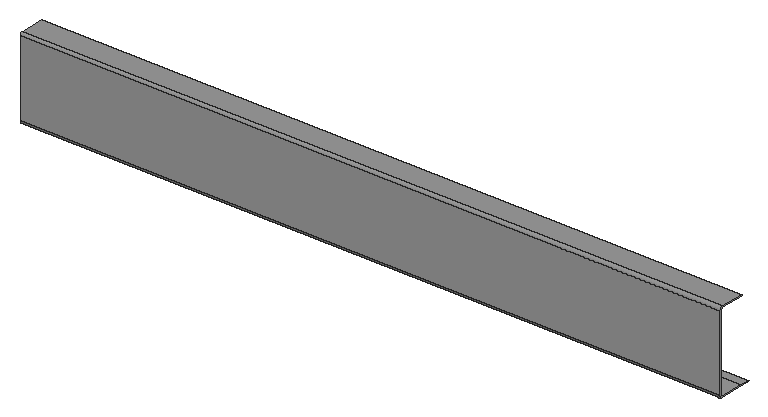
Revit family "L11 1950-2400", category Generic Models, Revit 2014
Parameters (values of type "Max length 2400")
  URL = "http://iglintels.com/"
  Structural Opening [instance] = 1550 mm
  Structural Performance = "The IG lintel range has safe working loads as detailed in each applicable loading table in the Keystone Lintel Guide brochure. The structural performance figures within each table have been ascertained by testing in accordance with the requirements of standards BS EN 5977-2: 1983 and BS EN 845-2: 2003."
  RIBA Productor Selector = "available for Keystone Lintels Ltd from Keystone Lintels Ltd from ribaproductselector.com"
  Model = "L11 1950-2400"
  Min Length = 1950 mm
  Min Clear Span = 300 mm
  Max Length = 2400 mm
  Max Clear Span = 4800 mm
  Material - Stainless Steel = "Grade 304 2b 1.4307 to BS EN 10088-2. Other grades available on request: contact manufacturer."
  Material - Galvanised Steel = "To BS EN 10346: 2009. DX51D plus Z600 or grade Z275 to BS 5977-2: 1983 (BS EN 845-2: 2003)."
  Manufacturer = "IG"
  Manufactured Length [instance] = (roundup(Effective Length / 150 mm) * 150 mm)  # 1950 mm
  Lintel height [instance] = 2100 mm
  Keynote = "F30/755"
  Fire Performance = "IG lintels have been subjected to a fire test (WARRES No. 101263) in accordance with BS 476-20: 1987, at Exova Warrington Fire and achieved a one hour fire performance."
  End Bearing = 150 mm
  Effective Length [instance] = Clear Opening with MIN MAX set + End Bearing * 2  # 1850 mm
  Corrosion = "IG’s standard range of lintels are manufactured from high quality grade pre-galvanized carbon steel with a zinc coating of 600"
  Contact Tel = "01633 486 486"
  Contact Email = "info@igltd.co.uk"
  Clear Opening with MIN MAX set [instance] = if(Structural Opening < Min Clear Span, Min Clear Span, (if(Structural Opening > Max Clear Span, Max Clear Span, Structural Opening)))  # 1550 mm
  CPD Information = "Available for Keystone Lintels Ltd from ribacpd.com"
Reference planes
  plane 1 "Center (Front/Back)": y = 0
  plane 2: z = 0
  plane 3 "Center (Left/Right)": x = 0
  plane 4: x = -975
  plane 5: x = 975
  plane 6: z = 2100
  plane 7: x = -775
  plane 8: x = 775
Forms (mm)
  Extrusion 1, solid, not visible
    sketch origin (0, 848.308, 1157.631) x (0, 1, 0) y (0, 0, 1)
      loop
        line (-693.236, 1000.08) -> (-758.243, 1000.08)
        arc (-758.243, 1000.08) -> (-761.496, 1001.427) -> (-762.843, 1004.68) r 4.6
        line (-762.843, 1004.68) -> (-762.843, 1217.08)
        arc (-762.843, 1217.08) -> (-761.496, 1220.333) -> (-758.243, 1221.68) r 4.6
        line (-758.243, 1221.68) -> (-691.243, 1221.68) -> (-691.243, 1224.18) -> (-758.243, 1224.18)
        arc (-758.243, 1224.18) -> (-763.547, 1221.983) -> (-765.743, 1216.68) r 7.5
        line (-765.743, 1216.68) -> (-765.743, 1004.68)
        arc (-765.743, 1004.68) -> (-763.547, 999.377) -> (-758.243, 997.18) r 7.5
        line (-758.243, 997.18) -> (-693.287, 997.18) -> (-668.331, 996.302) -> (-668.229, 999.2) -> (-693.236, 1000.08)
    from 0 to 250
  Extrusion 2, solid, material "Steel"
    sketch origin (0, 765.736, 1102.82) x (0, 1, 0) y (0, 0, 1)
      loop
        line (-693.236, 999.68) -> (-758.236, 999.68)
        arc (-758.236, 999.68) -> (-761.772, 1001.144) -> (-763.236, 1004.68) r 5
        line (-763.236, 1004.68) -> (-763.236, 1216.68)
        arc (-763.236, 1216.68) -> (-761.772, 1220.215) -> (-758.236, 1221.68) r 5
        line (-758.236, 1221.68) -> (-691.236, 1221.68) -> (-691.236, 1224.18) -> (-758.236, 1224.18)
        arc (-758.236, 1224.18) -> (-763.539, 1221.983) -> (-765.736, 1216.68) r 7.5
        line (-765.736, 1216.68) -> (-765.736, 1004.68)
        arc (-765.736, 1004.68) -> (-763.539, 999.377) -> (-758.236, 997.18) r 7.5
        line (-758.236, 997.18) -> (-693.28, 997.18) -> (-668.324, 996.302) -> (-668.236, 998.801) -> (-693.236, 999.68)
    from -975 to 975
  Extrusion 3, solid, not visible
    sketch origin (0, 837.601, 1167.042) x (0, 1, 0) y (0, 0, 1)
      loop
        line (-693.236, 999.68) -> (-758.236, 999.68)
        arc (-758.236, 999.68) -> (-761.772, 1001.144) -> (-763.236, 1004.68) r 5
        line (-763.236, 1004.68) -> (-763.236, 1216.68)
        arc (-763.236, 1216.68) -> (-761.772, 1220.215) -> (-758.236, 1221.68) r 5
        line (-758.236, 1221.68) -> (-691.236, 1221.68) -> (-691.236, 1224.18) -> (-758.236, 1224.18)
        arc (-758.236, 1224.18) -> (-763.539, 1221.983) -> (-765.736, 1216.68) r 7.5
        line (-765.736, 1216.68) -> (-765.736, 1004.68)
        arc (-765.736, 1004.68) -> (-763.539, 999.377) -> (-758.236, 997.18) r 7.5
        line (-758.236, 997.18) -> (-693.28, 997.18) -> (-668.324, 996.302) -> (-668.236, 998.801) -> (-693.236, 999.68)
    from 0 to 250
Dimensions and locks
  equal spacing: plane 4, plane 3 "Center (Left/Right)", plane 5
  "Manufactured Length": plane 4 to plane 5
  "Lintel height": plane 6 to level
  "Structural Opening": plane 7 to plane 8
  equal spacing: plane 7, plane 3 "Center (Left/Right)", plane 8
  aligned and locked: level to plane 2
  aligned and locked: Extrusion 2 to plane 6
  aligned and locked: plane 5 to Extrusion 2
  aligned and locked: Extrusion 2 to plane 4
Automatic sketch dimensions
  Extrusion 1 sketch curve to Extrusion 1 sketch curve = 65.007 mm
  Extrusion 1 sketch curve to Extrusion 1 sketch curve = 0.879 mm
  Extrusion 1 sketch curve to Extrusion 1 sketch curve = 4.6 mm  (x2)
  Extrusion 1 sketch curve to Extrusion 1 sketch curve = 212.4 mm
  Extrusion 1 sketch curve to Extrusion 1 sketch curve = 67 mm
  Extrusion 1 sketch curve to Extrusion 1 sketch curve = 2.5 mm
  Extrusion 1 sketch curve to Extrusion 1 sketch curve = 0 mm  (x5)
  Extrusion 1 sketch curve to Extrusion 1 sketch curve = 0.4 mm
  Extrusion 1 sketch curve to Extrusion 1 sketch curve = 0.051 mm
  Extrusion 1 sketch curve to Extrusion 1 sketch curve = 0.102 mm
  Extrusion 2 sketch curve to Extrusion 2 sketch curve = 65 mm
  Extrusion 2 sketch curve to Extrusion 2 sketch curve = 0.879 mm
  Extrusion 2 sketch curve to Extrusion 2 sketch curve = 5 mm  (x2)
  Extrusion 2 sketch curve to Extrusion 2 sketch curve = 212 mm
  Extrusion 2 sketch curve to Extrusion 2 sketch curve = 67 mm
  Extrusion 2 sketch curve to Extrusion 2 sketch curve = 0.044 mm
  Extrusion 2 sketch curve to Extrusion 2 sketch curve = 0.088 mm
  Extrusion 2 sketch curve to Extrusion 2 sketch curve = 2.498 mm
  Extrusion 2 sketch curve to Extrusion 2 sketch curve = 0 mm  (x8)
  Extrusion 3 sketch curve to Extrusion 3 sketch curve = 65 mm
  Extrusion 3 sketch curve to Extrusion 3 sketch curve = 0.879 mm
  Extrusion 3 sketch curve to Extrusion 3 sketch curve = 5 mm  (x2)
  Extrusion 3 sketch curve to Extrusion 3 sketch curve = 212 mm
  Extrusion 3 sketch curve to Extrusion 3 sketch curve = 67 mm
  Extrusion 3 sketch curve to Extrusion 3 sketch curve = 0.044 mm
  Extrusion 3 sketch curve to Extrusion 3 sketch curve = 0.088 mm
  Extrusion 3 sketch curve to Extrusion 3 sketch curve = 2.498 mm
  Extrusion 3 sketch curve to Extrusion 3 sketch curve = 0 mm  (x8)
  Extrusion 2 sketch curve to plane 1 "Center (Front/Back)" = 0 mm
  Extrusion 2 sketch curve to plane 6 = 0 mm
